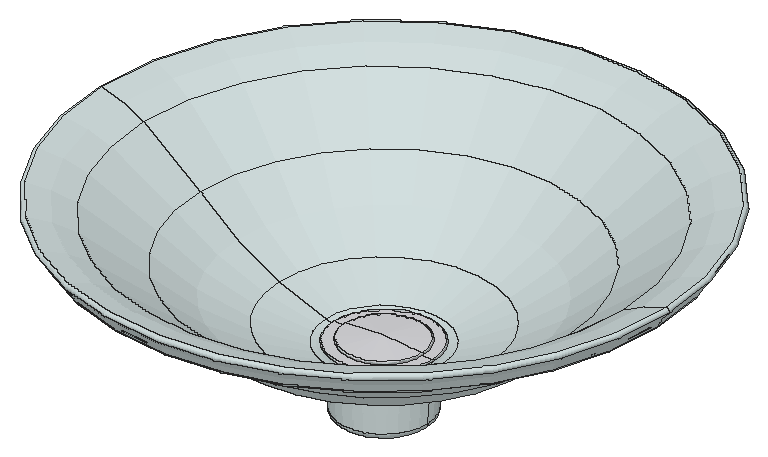
Revit family "Sink-Vessel-Lavatory-KOHLER-Derring_on_Carillon-K-17890_1", category Plumbing Fixtures, host Face, Revit 2015 (continued)
Definition of nested family "K-17890"
  Lines and regions (in)
    symbolic lines, detail levels medium+fine
      curve 1834: arc (2.64103, -6.41606, 0) -> (2.46586, -6.01925, 0) -> (2.25497, -5.64021, 0) r 4.71583
      curve 1835: arc (2.25497, -5.64021, 0) -> (2.15956, -5.52973, 0) -> (2.03444, -5.45453, 0) r 0.46205
      curve 1836: arc (2.64103, -6.41606, 0) -> (2.49994, -6.00207, 0) -> (2.39347, -5.57787, 0) r 5.30137
      curve 1837: arc (2.39347, -5.57787, 0) -> (2.38483, -5.43478, 0) -> (2.41731, -5.29516, 0) r 0.49812
      curve 1838: arc (3.09201, -6.2113, 0) -> (2.88898, -5.828, 0) -> (2.6516, -5.46498, 0) r 4.71583
      curve 1839: arc (2.6516, -5.46498, 0) -> (2.54809, -5.36125, 0) -> (2.41731, -5.29516, 0) r 0.46205
      curve 1840: arc (3.09201, -6.2113, 0) -> (2.92138, -5.80742, 0) -> (2.7847, -5.39082, 0) r 5.30137
      curve 1841: arc (2.78529, -5.39291, 0) -> (2.76647, -5.2508, 0) -> (2.7889, -5.10922, 0) r 0.49812
      curve 1842: arc (3.52724, -5.97489, 0) -> (3.29739, -5.60705, 0) -> (3.03471, -5.26189, 0) r 4.71583
      curve 1843: arc (3.03471, -5.26189, 0) -> (2.92406, -5.16582, 0) -> (2.7889, -5.10922, 0) r 0.46205
      curve 1844: arc (3.52724, -5.97489, 0) -> (3.32823, -5.58421, 0) -> (3.16218, -5.17842, 0) r 5.30137
      curve 1845: arc (3.16292, -5.18047, 0) -> (3.13401, -5.04007, 0) -> (3.14628, -4.89724, 0) r 0.49812
      curve 1846: arc (3.9445, -5.70804, 0) -> (3.68899, -5.35753, 0) -> (3.40235, -5.03199, 0) r 4.71583
      curve 1847: arc (3.40235, -5.03199, 0) -> (3.28514, -4.94405, 0) -> (3.14628, -4.89724, 0) r 0.46205
      curve 1848: arc (3.9445, -5.70804, 0) -> (3.71865, -5.33351, 0) -> (3.52443, -4.94163, 0) r 5.30137
      curve 1849: arc (3.52443, -4.94163, 0) -> (3.48558, -4.80365, 0) -> (3.48763, -4.66031, 0) r 0.49812
      curve 1850: arc (4.34166, -5.4121, 0) -> (4.06179, -5.08071, 0) -> (3.75266, -4.77645, 0) r 4.71583
      curve 1851: arc (3.75266, -4.77645, 0) -> (3.62999, -4.69732, 0) -> (3.48875, -4.66042, 0) r 0.46205
      curve 1852: arc (4.34166, -5.4121, 0) -> (4.08966, -5.05463, 0) -> (3.86798, -4.67761, 0) r 5.30137
      curve 1853: arc (3.86798, -4.67761, 0) -> (3.81939, -4.54275, 0) -> (3.81121, -4.39963, 0) r 0.49812
      curve 1854: arc (4.71669, -5.08858, 0) -> (4.4139, -4.778, 0) -> (4.08385, -4.49656, 0) r 4.71583
      curve 1855: arc (4.08385, -4.49656, 0) -> (3.95531, -4.42621, 0) -> (3.81121, -4.39963, 0) r 0.46205
      curve 1856: arc (4.71669, -5.08858, 0) -> (4.43983, -4.75, 0) -> (4.19183, -4.38976, 0) r 5.30137
      curve 1857: arc (4.19183, -4.38976, 0) -> (4.13373, -4.2587, 0) -> (4.11536, -4.11654, 0) r 0.49812
      curve 1858: arc (5.06769, -4.73913, 0) -> (4.74351, -4.45095, 0) -> (4.39423, -4.19377, 0) r 4.71583
      curve 1859: arc (4.39423, -4.19377, 0) -> (4.261, -4.13276, 0) -> (4.11536, -4.11654, 0) r 0.46205
      curve 1860: arc (5.06769, -4.73913, 0) -> (4.76667, -4.42034, 0) -> (4.49302, -4.07777, 0) r 5.30137
      curve 1861: arc (4.49431, -4.07953, 0) -> (4.42701, -3.95296, 0) -> (4.39855, -3.81246, 0) r 0.49812
      curve 1862: arc (5.39286, -4.36553, 0) -> (5.04895, -4.10121, 0) -> (4.68221, -3.8696, 0) r 4.71583
      curve 1863: arc (4.68221, -3.8696, 0) -> (4.54497, -3.81825, 0) -> (4.39855, -3.81246, 0) r 0.46205
      curve 1864: arc (5.39286, -4.36553, 0) -> (5.06987, -4.06903, 0) -> (4.77248, -3.74685, 0) r 5.30137
      curve 1865: arc (4.77389, -3.74852, 0) -> (4.69773, -3.62707, 0) -> (4.65932, -3.48896, 0) r 0.49812
      curve 1866: arc (5.69055, -3.96968, 0) -> (5.32866, -3.73057, 0) -> (4.94633, -3.52572, 0) r 4.71583
      curve 1867: arc (4.94633, -3.52572, 0) -> (4.80578, -3.48429, 0) -> (4.65932, -3.48896, 0) r 0.46205
      curve 1868: arc (5.69055, -3.96968, 0) -> (5.34805, -3.69769, 0) -> (5.02914, -3.3984, 0) r 5.30137
      curve 1869: arc (5.02914, -3.3984, 0) -> (4.94681, -3.28697, 0) -> (4.89835, -3.15718, 0) r 0.49812
      curve 1870: arc (5.95925, -3.55361, 0) -> (5.58122, -3.34092, 0) -> (5.18525, -3.16387, 0) r 4.71583
      curve 1871: arc (5.18525, -3.16387, 0) -> (5.04266, -3.13261, 0) -> (4.89743, -3.14739, 0) r 0.46205
      curve 1872: arc (5.95925, -3.55361, 0) -> (5.59734, -3.3061, 0) -> (5.25713, -3.02952, 0) r 5.30137
      curve 1873: arc (5.25876, -3.03097, 0) -> (5.1661, -2.92159, 0) -> (5.10842, -2.79035, 0) r 0.49812
      curve 1874: arc (6.19758, -3.11943, 0) -> (5.80534, -2.93425, 0) -> (5.39775, -2.7859, 0) r 4.71583
      curve 1875: arc (5.39775, -2.7859, 0) -> (5.25273, -2.76489, 0) -> (5.10842, -2.79035, 0) r 0.46205
      curve 1876: arc (6.19758, -3.11943, 0) -> (5.81894, -2.89836, 0) -> (5.45986, -2.64676, 0) r 5.30137
      curve 1877: arc (5.46159, -2.64809, 0) -> (5.36099, -2.54509, 0) -> (5.29405, -2.41762, 0) r 0.49812
      curve 1878: arc (6.40432, -2.66935, 0) -> (5.99988, -2.51263, 0) -> (5.58274, -2.39373, 0) r 4.71583
      curve 1879: arc (5.58274, -2.39373, 0) -> (5.43659, -2.38312, 0) -> (5.29447, -2.41881, 0) r 0.46205
      curve 1880: arc (6.40432, -2.66935, 0) -> (6.01184, -2.47638, 0) -> (5.63659, -2.25171, 0) r 5.30137
      curve 1881: arc (5.63659, -2.25171, 0) -> (5.5289, -2.15616, 0) -> (5.45303, -2.03379, 0) r 0.49812
      curve 1882: arc (6.57844, -2.20567, 0) -> (6.16384, -2.0782, 0) -> (5.73928, -1.98936, 0) r 4.71583
      curve 1883: arc (5.73928, -1.98936, 0) -> (5.59275, -1.98921, 0) -> (5.45354, -2.03495, 0) r 0.46205
      curve 1884: arc (6.57844, -2.20567, 0) -> (6.17219, -2.04074, 0) -> (5.78096, -1.84281, 0) r 5.30137
      curve 1885: arc (5.78286, -1.84387, 0) -> (5.66907, -1.75669, 0) -> (5.58481, -1.64071, 0) r 0.49812
      curve 1886: arc (6.71902, -1.73075, 0) -> (6.29639, -1.63318, 0) -> (5.86658, -1.57486, 0) r 4.71583
      curve 1887: arc (5.86658, -1.57486, 0) -> (5.72041, -1.58516, 0) -> (5.58481, -1.64071, 0) r 0.46205
      curve 1888: arc (6.71902, -1.73075, 0) -> (6.30205, -1.59522, 0) -> (5.8977, -1.4257, 0) r 5.30137
      curve 1889: arc (5.89967, -1.42663, 0) -> (5.77995, -1.34779, 0) -> (5.68763, -1.23812, 0) r 0.49812
      curve 1890: arc (6.82538, -1.24701, 0) -> (6.39686, -1.17984, 0) -> (5.96398, -1.15233, 0) r 4.71583
      curve 1891: arc (5.96398, -1.15233, 0) -> (5.81892, -1.17303, 0) -> (5.68763, -1.23812, 0) r 0.46205
      curve 1892: arc (6.82538, -1.24701, 0) -> (6.40084, -1.14188, 0) -> (5.98641, -1.00211, 0) r 5.30137
      curve 1893: arc (5.98641, -1.00211, 0) -> (5.86137, -0.93202, 0) -> (5.76147, -0.82921, 0) r 0.49812
      curve 1894: arc (6.89695, -0.75692, 0) -> (6.46473, -0.72049, 0) -> (6.03099, -0.72392, 0) r 4.71583
      curve 1895: arc (6.03099, -0.72392, 0) -> (5.88777, -0.75492, 0) -> (5.76147, -0.82921, 0) r 0.46205
      curve 1896: arc (6.89695, -0.75692, 0) -> (6.46599, -0.68234, 0) -> (6.04265, -0.57249, 0) r 5.30137
      curve 1897: arc (6.04265, -0.57249, 0) -> (5.9124, -0.51115, 0) -> (5.80513, -0.41511, 0) r 0.49812
      curve 1898: arc (6.93337, -0.26296, 0) -> (6.49966, -0.25746, 0) -> (6.06727, -0.29183, 0) r 4.71583
      curve 1899: arc (6.06727, -0.29183, 0) -> (5.92663, -0.33297, 0) -> (5.80594, -0.41608, 0) r 0.46205
      curve 1900: arc (6.93337, -0.26296, 0) -> (6.49819, -0.21932, 0) -> (6.06809, -0.13996, 0) r 5.30137
      curve 1901: arc (6.06809, -0.13996, 0) -> (5.93385, -0.08809, 0) -> (5.82003, 0, 0) r 0.49812
      curve 1902: arc (0, -5.82159, 0) -> (0.02215, -5.51091, 0) -> (0.05718, -5.20142, 0) r 7.49877
      curve 1903: arc (0.40802, -5.81337, 0) -> (0.37379, -5.50848, 0) -> (0.30168, -5.21027, 0) r 2.44677
      curve 1904: arc (0.05718, -5.20142, 0) -> (0.08707, -5.09628, 0) -> (0.14548, -5.00389, 0) r 0.38232
      curve 1905: arc (0.30168, -5.21027, 0) -> (0.26872, -5.11792, 0) -> (0.22799, -5.02872, 0) r 1.14623
      curve 1906: arc (0.22799, -5.02872, 0) -> (0.19204, -4.99869, 0) -> (0.14548, -5.00389, 0) r 0.05964
      curve 1907: arc (0.17485, -4.99616, 0) -> (0.14894, -4.76353, 0) -> (0.10169, -4.53427, 0) r 2.53556
      curve 1908: arc (0.10169, -4.53427, 0) -> (0.0624, -4.43308, 0) -> (0, -4.34425, 0) r 0.44975
      curve 1909: arc (0.17485, -4.99616, 0) -> (0.19037, -4.76116, 0) -> (0.21589, -4.52703, 0) r 5.52516
      curve 1910: arc (0.21589, -4.52703, 0) -> (0.2457, -4.42139, 0) -> (0.30449, -4.32869, 0) r 0.37959
      curve 1911: arc (0, -4.34425, 0) -> (0.02454, -4.14285, 0) -> (0.07036, -3.94521, 0) r 1.90482
      curve 1912: arc (0.30449, -4.32869, 0) -> (0.26608, -4.12107, 0) -> (0.19553, -3.92207, 0) r 1.33954
      curve 1913: arc (0.07036, -3.94521, 0) -> (0.0947, -3.88909, 0) -> (0.13247, -3.84097, 0) r 0.23936
      curve 1914: arc (0.19553, -3.92207, 0) -> (0.16892, -3.8777, 0) -> (0.13247, -3.84097, 0) r 0.21491
      curve 1915: arc (0.13247, -3.84097, 0) -> (0.10498, -3.68132, 0) -> (0.06516, -3.52429, 0) r 2.082
      curve 1916: arc (0.13247, -3.84097, 0) -> (0.15041, -3.67965, 0) -> (0.1832, -3.52067, 0) r 1.75146
      curve 1917: arc (0.06516, -3.52429, 0) -> (0.04068, -3.47891, 0) -> (0, -3.44724, 0) r 0.12522
      curve 1918: arc (0.1832, -3.52067, 0) -> (0.20628, -3.47316, 0) -> (0.24621, -3.43857, 0) r 0.13139
      curve 1919: arc (0.08454, -3.45165, 0) -> (0.0605, -2.6039, 0) -> (0.06107, -1.75582, 0) r 29.2281
      curve 1920: arc (0.15392, -3.44868, 0) -> (0.1193, -2.6016, 0) -> (0.06107, -1.75582, 0) r 30.40578
      curve 1921: arc (0.10408, -3.59212, 0) -> (0.09096, -3.52235, 0) -> (0.08454, -3.45165, 0) r 0.74486
      curve 1922: arc (0.15004, -3.58119, 0) -> (0.15384, -3.51499, 0) -> (0.15392, -3.44868, 0) r 1.18069
      curve 1923: arc (0.13292, -3.61744, 0) -> (0.14474, -3.60086, 0) -> (0.15004, -3.58119, 0) r 0.05754
      curve 1924: arc (0.13292, -3.61744, 0) -> (0.11447, -3.60938, 0) -> (0.10408, -3.59212, 0) r 0.03318
      curve 1925: arc (0.41531, -5.80675, 0) -> (0.41524, -5.49529, 0) -> (0.4281, -5.18408, 0) r 7.49877
      curve 1926: arc (0.8217, -5.76945, 0) -> (0.76581, -5.46778, 0) -> (0.6726, -5.17547, 0) r 2.44677
      curve 1927: arc (0.4281, -5.18408, 0) -> (0.45041, -5.07708, 0) -> (0.50209, -4.98076, 0) r 0.38232
      curve 1928: arc (0.6726, -5.17547, 0) -> (0.63314, -5.08571, 0) -> (0.58615, -4.99965, 0) r 1.14623
      curve 1929: arc (0.58615, -4.99965, 0) -> (0.54815, -4.97225, 0) -> (0.50209, -4.98076, 0) r 0.05964
      curve 1930: arc (0.53083, -4.97095, 0) -> (0.48839, -4.74076, 0) -> (0.42491, -4.51547, 0) r 2.53556
      curve 1931: arc (0.42491, -4.51547, 0) -> (0.37849, -4.41734, 0) -> (0.30992, -4.33318, 0) r 0.44975
      curve 1932: arc (0.53083, -4.97095, 0) -> (0.52954, -4.73545, 0) -> (0.5383, -4.5001, 0) r 5.52516
      curve 1933: arc (0.5383, -4.5001, 0) -> (0.56049, -4.3926, 0) -> (0.61252, -4.29594, 0) r 0.37959
      curve 1934: arc (0.30992, -4.33318, 0) -> (0.32003, -4.13055, 0) -> (0.35163, -3.93014, 0) r 1.90482
      curve 1935: arc (0.61252, -4.29594, 0) -> (0.5594, -4.09159, 0) -> (0.47483, -3.89813, 0) r 1.33954
      curve 1936: arc (0.35163, -3.93014, 0) -> (0.3719, -3.87242, 0) -> (0.40614, -3.82174, 0) r 0.23936
      curve 1937: arc (0.47483, -3.89813, 0) -> (0.44512, -3.85577, 0) -> (0.40614, -3.82174, 0) r 0.21491
      curve 1938: arc (0.40614, -3.82174, 0) -> (0.36733, -3.66445, 0) -> (0.31641, -3.51066, 0) r 2.082
      curve 1939: arc (0.40614, -3.82174, 0) -> (0.41253, -3.65954, 0) -> (0.4339, -3.49863, 0) r 1.75146
      curve 1940: arc (0.31641, -3.51066, 0) -> (0.28887, -3.46726, 0) -> (0.24621, -3.43857, 0) r 0.12522
      curve 1941: arc (0.4339, -3.49863, 0) -> (0.45353, -3.44959, 0) -> (0.49089, -3.41225, 0) r 0.13139
      curve 1942: arc (0.33056, -3.43683, 0) -> (0.24611, -2.59295, 0) -> (0.18618, -1.74699, 0) r 29.2281
      curve 1943: arc (0.39955, -3.42891, 0) -> (0.30459, -2.58646, 0) -> (0.18618, -1.74699, 0) r 30.40578
      curve 1944: arc (0.36007, -3.57555, 0) -> (0.34201, -3.50689, 0) -> (0.33056, -3.43683, 0) r 0.74486
      curve 1945: arc (0.40514, -3.56136, 0) -> (0.4042, -3.49506, 0) -> (0.39955, -3.42891, 0) r 1.18069
      curve 1946: arc (0.39064, -3.59874, 0) -> (0.40125, -3.58136, 0) -> (0.40514, -3.56136, 0) r 0.05754
      curve 1947: arc (0.39064, -3.59874, 0) -> (0.37166, -3.59201, 0) -> (0.36007, -3.57555, 0) r 0.03318
      curve 1948: arc (0.8285, -5.76233, 0) -> (0.80621, -5.45166, 0) -> (0.79684, -5.14033, 0) r 7.49877
      curve 1949: arc (1.23119, -5.69613, 0) -> (1.15392, -5.39921, 0) -> (1.0401, -5.1143, 0) r 2.44677
      curve 1950: arc (0.79684, -5.14033, 0) -> (0.81146, -5.03201, 0) -> (0.85613, -4.93225, 0) r 0.38232
      curve 1951: arc (1.0401, -5.1143, 0) -> (0.99434, -5.02758, 0) -> (0.94133, -4.94509, 0) r 1.14623
      curve 1952: arc (0.94133, -4.94509, 0) -> (0.90147, -4.92048, 0) -> (0.85613, -4.93225, 0) r 0.05964
      curve 1953: arc (0.8841, -4.92042, 0) -> (0.82535, -4.69384, 0) -> (0.74595, -4.47365, 0) r 2.53556
      curve 1954: arc (0.74595, -4.47365, 0) -> (0.69266, -4.37908, 0) -> (0.61825, -4.30003, 0) r 0.44975
      curve 1955: arc (0.8841, -4.92042, 0) -> (0.86602, -4.6856, 0) -> (0.85796, -4.45023, 0) r 5.52516
      curve 1956: arc (0.85796, -4.45023, 0) -> (0.87243, -4.34142, 0) -> (0.91743, -4.2413, 0) r 0.37959
      curve 1957: arc (0.61825, -4.30003, 0) -> (0.61388, -4.09719, 0) -> (0.63111, -3.89504, 0) r 1.90482
      curve 1958: arc (0.91743, -4.2413, 0) -> (0.84987, -4.04126, 0) -> (0.75171, -3.85432, 0) r 1.33954
      curve 1959: arc (0.63111, -3.89504, 0) -> (0.64721, -3.83603, 0) -> (0.67775, -3.78302, 0) r 0.23936
      curve 1960: arc (0.75171, -3.85432, 0) -> (0.71905, -3.81419, 0) -> (0.67775, -3.78302, 0) r 0.21491
      curve 1961: arc (0.67775, -3.78302, 0) -> (0.62782, -3.62891, 0) -> (0.56605, -3.47915, 0) r 2.082
      curve 1962: arc (0.67775, -3.78302, 0) -> (0.67254, -3.62079, 0) -> (0.68238, -3.45877, 0) r 1.75146
      curve 1963: arc (0.56605, -3.47915, 0) -> (0.53549, -3.43782, 0) -> (0.49089, -3.41225, 0) r 0.12522
      curve 1964: arc (0.68238, -3.45877, 0) -> (0.69846, -3.40845, 0) -> (0.73307, -3.36854, 0) r 0.13139
      curve 1965: arc (0.5749, -3.40449, 0) -> (0.43046, -2.56879, 0) -> (0.31033, -1.72925, 0) r 29.2281
      curve 1966: arc (0.64315, -3.39167, 0) -> (0.48833, -2.55814, 0) -> (0.31033, -1.72925, 0) r 30.40578
      curve 1967: arc (0.61423, -3.54075, 0) -> (0.59132, -3.47356, 0) -> (0.5749, -3.40449, 0) r 0.74486
      curve 1968: arc (0.65817, -3.52339, 0) -> (0.65251, -3.45732, 0) -> (0.64315, -3.39167, 0) r 1.18069
      curve 1969: arc (0.64638, -3.56171, 0) -> (0.65572, -3.54361, 0) -> (0.65817, -3.52339, 0) r 0.05754
      curve 1970: arc (0.64638, -3.56171, 0) -> (0.62697, -3.55635, 0) -> (0.61423, -3.54075, 0) r 0.03318
      curve 1971: arc (1.23747, -5.68854, 0) -> (1.19307, -5.38026, 0) -> (1.16152, -5.07039, 0) r 7.49877
      curve 1972: arc (1.63441, -5.59378, 0) -> (1.53616, -5.30314, 0) -> (1.4023, -5.02707, 0) r 2.44677
      curve 1973: arc (1.16152, -5.07039, 0) -> (1.16837, -4.9613, 0) -> (1.20581, -4.85861, 0) r 0.38232
      curve 1974: arc (1.4023, -5.02707, 0) -> (1.35047, -4.94384, 0) -> (1.29171, -4.86534, 0) r 1.14623
      curve 1975: arc (1.29171, -4.86534, 0) -> (1.2502, -4.84363, 0) -> (1.20581, -4.85861, 0) r 0.05964
      curve 1976: arc (1.23286, -4.84481, 0) -> (1.1581, -4.623, 0) -> (1.0632, -4.40904, 0) r 2.53556
      curve 1977: arc (1.0632, -4.40904, 0) -> (1.00329, -4.31851, 0) -> (0.92344, -4.24497, 0) r 0.44975
      curve 1978: arc (1.23286, -4.84481, 0) -> (1.19808, -4.61188, 0) -> (1.17325, -4.37768, 0) r 5.52516
      curve 1979: arc (1.17325, -4.37768, 0) -> (1.17992, -4.26812, 0) -> (1.21766, -4.16504, 0) r 0.37959
      curve 1980: arc (0.92344, -4.24497, 0) -> (0.90461, -4.04296, 0) -> (0.90737, -3.84009, 0) r 1.90482
      curve 1981: arc (1.21766, -4.16504, 0) -> (1.136, -3.97034, 0) -> (1.02476, -3.79088, 0) r 1.33954
      curve 1982: arc (0.90737, -3.84009, 0) -> (0.91922, -3.78008, 0) -> (0.9459, -3.72504, 0) r 0.23936
      curve 1983: arc (1.02476, -3.79088, 0) -> (0.98932, -3.75317, 0) -> (0.9459, -3.72504, 0) r 0.21491
      curve 1984: arc (0.9459, -3.72504, 0) -> (0.8851, -3.57488, 0) -> (0.81281, -3.4299, 0) r 2.082
      curve 1985: arc (0.9459, -3.72504, 0) -> (0.92913, -3.56358, 0) -> (0.92739, -3.40127, 0) r 1.75146
      curve 1986: arc (0.81281, -3.4299, 0) -> (0.77937, -3.39086, 0) -> (0.73307, -3.36854, 0) r 0.12522
      curve 1987: arc (0.92739, -3.40127, 0) -> (0.93984, -3.34994, 0) -> (0.97151, -3.30766, 0) r 0.13139
      curve 1988: arc (0.81631, -3.3548, 0) -> (0.61262, -2.53154, 0) -> (0.4329, -1.70271, 0) r 29.2281
      curve 1989: arc (0.88347, -3.33715, 0) -> (0.66958, -2.51679, 0) -> (0.4329, -1.70271, 0) r 30.40578
      curve 1990: arc (0.86526, -3.48791, 0) -> (0.83761, -3.42252, 0) -> (0.81631, -3.3548, 0) r 0.74486
      curve 1991: arc (0.90785, -3.46746, 0) -> (0.89749, -3.40196, 0) -> (0.88347, -3.33715, 0) r 1.18069
      curve 1992: arc (0.89882, -3.50652, 0) -> (0.90685, -3.4878, 0) -> (0.90785, -3.46746, 0) r 0.05754
      curve 1993: arc (0.89882, -3.50652, 0) -> (0.87908, -3.50256, 0) -> (0.86526, -3.48791, 0) r 0.03318
      curve 1994: arc (1.64013, -5.58577, 0) -> (1.57386, -5.28144, 0) -> (1.52028, -4.97461, 0) r 7.49877
      curve 1995: arc (2.0293, -5.46293, 0) -> (1.91057, -5.18004, 0) -> (1.75736, -4.91422, 0) r 2.44677
      curve 1996: arc (1.52028, -4.97461, 0) -> (1.51933, -4.86531, 0) -> (1.54935, -4.76021, 0) r 0.38232
      curve 1997: arc (1.75736, -4.91422, 0) -> (1.69972, -4.8349, 0) -> (1.63551, -4.76079, 0) r 1.14623
      curve 1998: arc (1.63551, -4.76079, 0) -> (1.59255, -4.7421, 0) -> (1.54935, -4.76021, 0) r 0.05964
      curve 1999: arc (1.57535, -4.74452, 0) -> (1.48495, -4.52861, 0) -> (1.37503, -4.32195, 0) r 2.53556
      curve 2000: arc (1.37503, -4.32195, 0) -> (1.30881, -4.23593, 0) -> (1.22392, -4.16828, 0) r 0.44975
      curve 2001: arc (1.57535, -4.74452, 0) -> (1.52403, -4.51466, 0) -> (1.48256, -4.28283, 0) r 5.52516
      curve 2002: arc (1.48256, -4.28283, 0) -> (1.4814, -4.17307, 0) -> (1.51169, -4.06756, 0) r 0.37959
      curve 2003: arc (1.22392, -4.16828, 0) -> (1.19072, -3.96813, 0) -> (1.17901, -3.76558, 0) r 1.90482
      curve 2004: arc (1.51169, -4.06756, 0) -> (1.41635, -3.87918, 0) -> (1.29259, -3.70811, 0) r 1.33954
      curve 2005: arc (1.17901, -3.76558, 0) -> (1.18655, -3.70487, 0) -> (1.20923, -3.64806, 0) r 0.23936
      curve 2006: arc (1.29259, -3.70811, 0) -> (1.25455, -3.67303, 0) -> (1.20923, -3.64806, 0) r 0.21491
      curve 2007: arc (1.20923, -3.64806, 0) -> (1.13787, -3.50263, 0) -> (1.05543, -3.36318, 0) r 2.082
      curve 2008: arc (1.20923, -3.64806, 0) -> (1.18099, -3.48822, 0) -> (1.16767, -3.32645, 0) r 1.75146
      curve 2009: arc (1.05543, -3.36318, 0) -> (1.01929, -3.32662, 0) -> (0.97151, -3.30766, 0) r 0.12522
      curve 2010: arc (1.16767, -3.32645, 0) -> (1.17643, -3.27436, 0) -> (1.205, -3.22992, 0) r 0.13139
      curve 2011: arc (1.05356, -3.28802, 0) -> (0.79166, -2.48138, 0) -> (0.55327, -1.66749, 0) r 29.2281
      curve 2012: arc (1.11929, -3.26562, 0) -> (0.84742, -2.46261, 0) -> (0.55327, -1.66749, 0) r 30.40578
      curve 2013: arc (1.11188, -3.41729, 0) -> (1.07964, -3.35405, 0) -> (1.05356, -3.28802, 0) r 0.74486
      curve 2014: arc (1.1529, -3.39386, 0) -> (1.13789, -3.32926, 0) -> (1.11929, -3.26562, 0) r 1.18069
      curve 2015: arc (1.14668, -3.43346, 0) -> (1.15335, -3.41422, 0) -> (1.1529, -3.39386, 0) r 0.05754
      curve 2016: arc (1.14668, -3.43346, 0) -> (1.12671, -3.43092, 0) -> (1.11188, -3.41729, 0) r 0.03318
      curve 2017: arc (2.03444, -5.45453, 0) -> (1.94662, -5.1557, 0) -> (1.87129, -4.85348, 0) r 7.49877
      curve 2018: arc (2.41386, -5.30424, 0) -> (2.27524, -5.03054, 0) -> (2.10346, -4.77633, 0) r 2.44677
      curve 2019: arc (1.87129, -4.85348, 0) -> (1.86254, -4.74453, 0) -> (1.88499, -4.63755, 0) r 0.38232
      curve 2020: arc (2.10346, -4.77633, 0) -> (2.0403, -4.70132, 0) -> (1.97097, -4.63199, 0) r 1.14623
      curve 2021: arc (1.97097, -4.63199, 0) -> (1.92679, -4.61641, 0) -> (1.88499, -4.63755, 0) r 0.05964
      curve 2022: arc (1.9098, -4.62004, 0) -> (1.80423, -4.41113, 0) -> (1.67985, -4.21285, 0) r 2.53556
      curve 2023: arc (1.67985, -4.21285, 0) -> (1.60767, -4.13177, 0) -> (1.51816, -4.07035, 0) r 0.44975
      curve 2024: arc (1.9098, -4.62004, 0) -> (1.84222, -4.39444, 0) -> (1.78432, -4.16616, 0) r 5.52516
      curve 2025: arc (1.78432, -4.16616, 0) -> (1.77532, -4.05676, 0) -> (1.79801, -3.94936, 0) r 0.37959
      curve 2026: arc (1.51816, -4.07035, 0) -> (1.47077, -3.87307, 0) -> (1.44463, -3.67187, 0) r 1.90482
      curve 2027: arc (1.79801, -3.94936, 0) -> (1.68948, -3.76825, 0) -> (1.55383, -3.60645, 0) r 1.33954
      curve 2028: arc (1.44463, -3.67187, 0) -> (1.44783, -3.61079, 0) -> (1.4664, -3.5525, 0) r 0.23936
      curve 2029: arc (1.55383, -3.60645, 0) -> (1.51339, -3.57418, 0) -> (1.4664, -3.5525, 0) r 0.21491
      curve 2030: arc (1.4664, -3.5525, 0) -> (1.38485, -3.41253, 0) -> (1.29266, -3.27931, 0) r 2.082
      curve 2031: arc (1.4664, -3.5525, 0) -> (1.42683, -3.39508, 0) -> (1.402, -3.23467, 0) r 1.75146
      curve 2032: arc (1.29266, -3.27931, 0) -> (1.25401, -3.24543, 0) -> (1.205, -3.22992, 0) r 0.12522
      curve 2033: arc (1.402, -3.23467, 0) -> (1.40702, -3.18209, 0) -> (1.43235, -3.13573, 0) r 0.13139
      curve 2034: arc (1.28544, -3.20448, 0) -> (0.96666, -2.41858, 0) -> (0.67082, -1.62377, 0) r 29.2281
      curve 2035: arc (1.3494, -3.17745, 0) -> (1.02094, -2.39588, 0) -> (0.67082, -1.62377, 0) r 30.40578
      curve 2036: arc (1.35284, -3.32927, 0) -> (1.31616, -3.26848, 0) -> (1.28544, -3.20448, 0) r 0.74486
      curve 2037: arc (1.39208, -3.30296, 0) -> (1.3725, -3.23961, 0) -> (1.3494, -3.17745, 0) r 1.18069
      curve 2038: arc (1.3887, -3.34291, 0) -> (1.39398, -3.32324, 0) -> (1.39208, -3.30296, 0) r 0.05754
      curve 2039: arc (1.3887, -3.34291, 0) -> (1.3686, -3.3418, 0) -> (1.35284, -3.32927, 0) r 0.03318
      curve 2040: arc (2.41837, -5.2955, 0) -> (2.30946, -5.0037, 0) -> (2.21276, -4.70762, 0) r 7.49877
      curve 2041: arc (2.78611, -5.11853, 0) -> (2.62831, -4.85541, 0) -> (2.43884, -4.61411, 0) r 2.44677
      curve 2042: arc (2.21276, -4.70762, 0) -> (2.19627, -4.59957, 0) -> (2.21103, -4.49126, 0) r 0.38232
      curve 2043: arc (2.43884, -4.61411, 0) -> (2.37049, -4.54379, 0) -> (2.29639, -4.47958, 0) r 1.14623
      curve 2044: arc (2.29639, -4.47958, 0) -> (2.25121, -4.46719, 0) -> (2.21103, -4.49126, 0) r 0.05964
      curve 2045: arc (2.23453, -4.47203, 0) -> (2.11432, -4.27118, 0) -> (1.97611, -4.08228, 0) r 2.53556
      curve 2046: arc (1.97611, -4.08228, 0) -> (1.89833, -4.00655, 0) -> (1.80467, -3.95167, 0) r 0.44975
      curve 2047: arc (2.23453, -4.47203, 0) -> (2.15102, -4.25182, 0) -> (2.07698, -4.02825, 0) r 5.52516
      curve 2048: arc (2.07698, -4.02825, 0) -> (2.06021, -3.91977, 0) -> (2.07517, -3.81103, 0) r 0.37959
      curve 2049: arc (1.80467, -3.95167, 0) -> (1.74333, -3.75828, 0) -> (1.7029, -3.55946, 0) r 1.90482
      curve 2050: arc (2.07517, -3.81103, 0) -> (1.95399, -3.63813, 0) -> (1.80715, -3.48641, 0) r 1.33954
      curve 2051: arc (1.7029, -3.55946, 0) -> (1.70173, -3.4983, 0) -> (1.7161, -3.43884, 0) r 0.23936
      curve 2052: arc (1.80715, -3.48641, 0) -> (1.76451, -3.45711, 0) -> (1.7161, -3.43884, 0) r 0.21491
      curve 2053: arc (1.7161, -3.43884, 0) -> (1.62477, -3.30504, 0) -> (1.52331, -3.17874, 0) r 2.082
      curve 2054: arc (1.7161, -3.43884, 0) -> (1.66539, -3.28464, 0) -> (1.62919, -3.12641, 0) r 1.75146
      curve 2055: arc (1.52331, -3.17874, 0) -> (1.48234, -3.1477, 0) -> (1.43235, -3.13573, 0) r 0.12522
      curve 2056: arc (1.62919, -3.12641, 0) -> (1.63044, -3.0736, 0) -> (1.6524, -3.02556, 0) r 0.13139
      curve 2057: arc (1.51077, -3.10461, 0) -> (1.13674, -2.34346, 0) -> (0.78495, -1.57178, 0) r 29.2281
      curve 2058: arc (1.57264, -3.07309, 0) -> (1.18926, -2.31694, 0) -> (0.78495, -1.57178, 0) r 30.40578
      curve 2059: arc (1.5869, -3.22427, 0) -> (1.54598, -3.16626, 0) -> (1.51077, -3.10461, 0) r 0.74486
      curve 2060: arc (1.62416, -3.19524, 0) -> (1.60012, -3.13344, 0) -> (1.57264, -3.07309, 0) r 1.18069
      curve 2061: arc (1.62364, -3.23533, 0) -> (1.62751, -3.21533, 0) -> (1.62416, -3.19524, 0) r 0.05754
      curve 2062: arc (1.62364, -3.23533, 0) -> (1.60351, -3.23565, 0) -> (1.5869, -3.22427, 0) r 0.03318
      curve 2063: arc (2.78999, -5.10948, 0) -> (2.66054, -4.82619, 0) -> (2.54296, -4.53777, 0) r 7.49877
      curve 2064: arc (3.14416, -4.90673, 0) -> (2.968, -4.65554, 0) -> (2.76179, -4.42836, 0) r 2.44677
      curve 2065: arc (2.54296, -4.53777, 0) -> (2.5188, -4.43117, 0) -> (2.5258, -4.32208, 0) r 0.38232
      curve 2066: arc (2.76179, -4.42836, 0) -> (2.6886, -4.36311, 0) -> (2.61011, -4.30434, 0) r 1.14623
      curve 2067: arc (2.61011, -4.30434, 0) -> (2.56416, -4.29521, 0) -> (2.5258, -4.32208, 0) r 0.05964
      curve 2068: arc (2.54786, -4.30122, 0) -> (2.41364, -4.10947, 0) -> (2.2623, -3.9309, 0) r 2.53556
      curve 2069: arc (2.2623, -3.9309, 0) -> (2.17932, -3.86092, 0) -> (2.08198, -3.81286, 0) r 0.44975
      curve 2070: arc (2.54786, -4.30122, 0) -> (2.44886, -4.08753, 0) -> (2.35906, -3.86982, 0) r 5.52516
      curve 2071: arc (2.35906, -3.86982, 0) -> (2.33459, -3.76281, 0) -> (2.34176, -3.65328, 0) r 0.37959
      curve 2072: arc (2.08198, -3.81286, 0) -> (2.007, -3.62434, 0) -> (1.95249, -3.42891, 0) r 1.90482
      curve 2073: arc (2.34176, -3.65328, 0) -> (2.20856, -3.48946, 0) -> (2.05127, -3.34861, 0) r 1.33954
      curve 2074: arc (1.95249, -3.42891, 0) -> (1.94696, -3.36799, 0) -> (1.95705, -3.30765, 0) r 0.23936
      curve 2075: arc (2.05127, -3.34861, 0) -> (2.00664, -3.32242, 0) -> (1.95705, -3.30765, 0) r 0.21491
      curve 2076: arc (1.95705, -3.30765, 0) -> (1.85641, -3.18071, 0) -> (1.7462, -3.06197, 0) r 2.082
      curve 2077: arc (1.95705, -3.30765, 0) -> (1.89548, -3.15747, 0) -> (1.84807, -3.00222, 0) r 1.75146
      curve 2078: arc (1.7462, -3.06197, 0) -> (1.70312, -3.03393, 0) -> (1.6524, -3.02556, 0) r 0.12522
      curve 2079: arc (1.84807, -3.00222, 0) -> (1.84556, -2.94946, 0) -> (1.86403, -2.89997, 0) r 0.13139
      curve 2080: arc (1.7284, -2.98893, 0) -> (1.30102, -2.2564, 0) -> (0.89508, -1.51177, 0) r 29.2281
      curve 2081: arc (1.78787, -2.95307, 0) -> (1.35152, -2.2262, 0) -> (0.89508, -1.51177, 0) r 30.40578
      curve 2082: arc (1.81287, -3.10285, 0) -> (1.76792, -3.0479, 0) -> (1.7284, -2.98893, 0) r 0.74486
      curve 2083: arc (1.84797, -3.07123, 0) -> (1.81958, -3.0113, 0) -> (1.78787, -2.95307, 0) r 1.18069
      curve 2084: arc (1.85031, -3.11125, 0) -> (1.85274, -3.09103, 0) -> (1.84797, -3.07123, 0) r 0.05754
      curve 2085: arc (1.85031, -3.11125, 0) -> (1.83025, -3.11302, 0) -> (1.81287, -3.10285, 0) r 0.03318
      curve 2086: arc (3.14739, -4.89743, 0) -> (2.99806, -4.62409, 0) -> (2.8602, -4.34479, 0) r 7.49877
      curve 2087: arc (3.48619, -4.66992, 0) -> (3.29256, -4.43194, 0) -> (3.07067, -4.22006, 0) r 2.44677
      curve 2088: arc (2.8602, -4.34479, 0) -> (2.8285, -4.24019, 0) -> (2.82769, -4.13088, 0) r 0.38232
      curve 2089: arc (3.07067, -4.22006, 0) -> (2.99301, -4.16019, 0) -> (2.91053, -4.10717, 0) r 1.14623
      curve 2090: arc (2.91053, -4.10717, 0) -> (2.86405, -4.10134, 0) -> (2.82769, -4.13088, 0) r 0.05964
      curve 2091: arc (2.84822, -4.1085, 0) -> (2.70065, -3.92681, 0) -> (2.53696, -3.75949, 0) r 2.53556
      curve 2092: arc (2.53696, -3.75949, 0) -> (2.4492, -3.69561, 0) -> (2.34868, -3.65462, 0) r 0.44975
      curve 2093: arc (2.84822, -4.1085, 0) -> (2.73423, -3.90242, 0) -> (2.62912, -3.69166, 0) r 5.52516
      curve 2094: arc (2.62912, -3.69166, 0) -> (2.59708, -3.58667, 0) -> (2.59642, -3.47691, 0) r 0.37959
      curve 2095: arc (2.34868, -3.65462, 0) -> (2.26044, -3.47192, 0) -> (2.19213, -3.28088, 0) r 1.90482
      curve 2096: arc (2.59642, -3.47691, 0) -> (2.45187, -3.32301, 0) -> (2.28493, -3.19374, 0) r 1.33954
      curve 2097: arc (2.19213, -3.28088, 0) -> (2.18227, -3.22051, 0) -> (2.18803, -3.15961, 0) r 0.23936
      curve 2098: arc (2.28493, -3.19374, 0) -> (2.23855, -3.1708, 0) -> (2.18803, -3.15961, 0) r 0.21491
      curve 2099: arc (2.18803, -3.15961, 0) -> (2.07859, -3.04017, 0) -> (1.96019, -2.9296, 0) r 2.082
      curve 2100: arc (2.18803, -3.15961, 0) -> (2.1159, -3.0142, 0) -> (2.05754, -2.86273, 0) r 1.75146
      curve 2101: arc (1.96019, -2.9296, 0) -> (1.91522, -2.9047, 0) -> (1.86403, -2.89997, 0) r 0.12522
      curve 2102: arc (2.05754, -2.86273, 0) -> (2.05127, -2.81028, 0) -> (2.06616, -2.7596, 0) r 0.13139
      curve 2103: arc (1.93722, -2.85801, 0) -> (1.45868, -2.15783, 0) -> (1.00064, -1.44407, 0) r 29.2281
      curve 2104: arc (1.99398, -2.818, 0) -> (1.50689, -2.12411, 0) -> (1.00064, -1.44407, 0) r 30.40578
      curve 2105: arc (2.02961, -2.96562, 0) -> (1.98085, -2.91402, 0) -> (1.93722, -2.85801, 0) r 0.74486
      curve 2106: arc (2.06236, -2.93157, 0) -> (2.02976, -2.87382, 0) -> (1.99398, -2.818, 0) r 1.18069
      curve 2107: arc (2.06755, -2.97133, 0) -> (2.06853, -2.95098, 0) -> (2.06236, -2.93157, 0) r 0.05754
      curve 2108: arc (2.06755, -2.97133, 0) -> (2.04767, -2.97452, 0) -> (2.02961, -2.96562, 0) r 0.03318
      curve 2109: arc (3.48875, -4.66042, 0) -> (3.3203, -4.39843, 0) -> (3.16287, -4.12968, 0) r 7.49877
      curve 2110: arc (3.81045, -4.40932, 0) -> (3.60034, -4.18576, 0) -> (3.3639, -3.99025, 0) r 2.44677
      curve 2111: arc (3.16287, -4.12968, 0) -> (3.12379, -4.0276, 0) -> (3.11518, -3.91863, 0) r 0.38232
      curve 2112: arc (3.3639, -3.99025, 0) -> (3.28217, -3.93607, 0) -> (3.19611, -3.88907, 0) r 1.14623
      curve 2113: arc (3.19611, -3.88907, 0) -> (3.14934, -3.88657, 0) -> (3.11518, -3.91863, 0) r 0.05964
      curve 2114: arc (3.13406, -3.89485, 0) -> (2.97391, -3.72414, 0) -> (2.7987, -3.56893, 0) r 2.53556
      curve 2115: arc (2.7987, -3.56893, 0) -> (2.7066, -3.51147, 0) -> (2.60341, -3.47775, 0) r 0.44975
      curve 2116: arc (3.13406, -3.89485, 0) -> (3.00565, -3.69742, 0) -> (2.88578, -3.4947, 0) r 5.52516
      curve 2117: arc (2.88578, -3.4947, 0) -> (2.84633, -3.39226, 0) -> (2.83784, -3.28282, 0) r 0.37959
      curve 2118: arc (2.60341, -3.47775, 0) -> (2.50237, -3.30182, 0) -> (2.4206, -3.11614, 0) r 1.90482
      curve 2119: arc (2.83784, -3.28282, 0) -> (2.68268, -3.13963, 0) -> (2.50694, -3.0226, 0) r 1.33954
      curve 2120: arc (2.4206, -3.11614, 0) -> (2.40646, -3.05662, 0) -> (2.40786, -2.99547, 0) r 0.23936
      curve 2121: arc (2.50694, -3.0226, 0) -> (2.45905, -3.00303, 0) -> (2.40786, -2.99547, 0) r 0.21491
      curve 2122: arc (2.40786, -2.99547, 0) -> (2.29017, -2.88414, 0) -> (2.16419, -2.78229, 0) r 2.082
      curve 2123: arc (2.40786, -2.99547, 0) -> (2.32554, -2.85557, 0) -> (2.25652, -2.70866, 0) r 1.75146
      curve 2124: arc (2.16419, -2.78229, 0) -> (2.11756, -2.76067, 0) -> (2.06616, -2.7596, 0) r 0.12522
      curve 2125: arc (2.25652, -2.70866, 0) -> (2.24652, -2.65679, 0) -> (2.25776, -2.60517, 0) r 0.13139
      curve 2126: arc (2.13618, -2.71253, 0) -> (1.6089, -2.04827, 0) -> (1.10111, -1.369, 0) r 29.2281
      curve 2127: arc (2.18993, -2.66857, 0) -> (1.65458, -2.0112, 0) -> (1.10111, -1.369, 0) r 30.40578
      curve 2128: arc (2.236, -2.81327, 0) -> (2.18368, -2.76528, 0) -> (2.13618, -2.71253, 0) r 0.74486
      curve 2129: arc (2.26624, -2.77698, 0) -> (2.22961, -2.7217, 0) -> (2.18993, -2.66857, 0) r 1.18069
      curve 2130: arc (2.27426, -2.81626, 0) -> (2.27378, -2.7959, 0) -> (2.26624, -2.77698, 0) r 0.05754
      curve 2131: arc (2.27426, -2.81626, 0) -> (2.25465, -2.82086, 0) -> (2.236, -2.81327, 0) r 0.03318
      curve 2132: arc (3.81233, -4.39966, 0) -> (3.62562, -4.15036, 0) -> (3.44942, -3.89352, 0) r 7.49877
      curve 2133: arc (4.1153, -4.12625, 0) -> (3.88978, -3.91825, 0) -> (3.63999, -3.7401, 0) r 2.44677
      curve 2134: arc (3.44942, -3.89352, 0) -> (3.40315, -3.79449, 0) -> (3.3868, -3.68641, 0) r 0.38232
      curve 2135: arc (3.63999, -3.7401, 0) -> (3.55461, -3.69189, 0) -> (3.46541, -3.65115, 0) r 1.14623
      curve 2136: arc (3.46541, -3.65115, 0) -> (3.41858, -3.652, 0) -> (3.3868, -3.68641, 0) r 0.05964
      curve 2137: arc (3.40393, -3.66134, 0) -> (3.23201, -3.5025, 0) -> (3.04617, -3.36018, 0) r 2.53556
      curve 2138: arc (3.04617, -3.36018, 0) -> (2.95021, -3.30944, 0) -> (2.84488, -3.28317, 0) r 0.44975
      curve 2139: arc (3.40393, -3.66134, 0) -> (3.26177, -3.47358, 0) -> (3.12774, -3.27992, 0) r 5.52516
      curve 2140: arc (3.12774, -3.27992, 0) -> (3.08108, -3.18056, 0) -> (3.06481, -3.07201, 0) r 0.37959
      curve 2141: arc (2.84488, -3.28317, 0) -> (2.73154, -3.11489, 0) -> (2.63674, -2.93551, 0) r 1.90482
      curve 2142: arc (3.06481, -3.07201, 0) -> (2.89982, -2.94025, 0) -> (2.71619, -2.83606, 0) r 1.33954
      curve 2143: arc (2.63674, -2.93551, 0) -> (2.61838, -2.87716, 0) -> (2.61542, -2.81606, 0) r 0.23936
      curve 2144: arc (2.71619, -2.83606, 0) -> (2.66701, -2.81995, 0) -> (2.61542, -2.81606, 0) r 0.21491
      curve 2145: arc (2.61542, -2.81606, 0) -> (2.49009, -2.71341, 0) -> (2.35716, -2.62081, 0) r 2.082
      curve 2146: arc (2.61542, -2.81606, 0) -> (2.52333, -2.6824, 0) -> (2.44401, -2.54078, 0) r 1.75146
      curve 2147: arc (2.35716, -2.62081, 0) -> (2.3091, -2.60257, 0) -> (2.25776, -2.60517, 0) r 0.12522
      curve 2148: arc (2.44401, -2.54078, 0) -> (2.43033, -2.48975, 0) -> (2.43786, -2.43747, 0) r 0.13139
      curve 2149: arc (2.32424, -2.55322, 0) -> (1.75092, -1.92828, 0) -> (1.19597, -1.28696, 0) r 29.2281
      curve 2150: arc (2.37473, -2.50554, 0) -> (1.79384, -1.88804, 0) -> (1.19597, -1.28696, 0) r 30.40578
      curve 2151: arc (2.431, -2.64659, 0) -> (2.37539, -2.60245, 0) -> (2.32424, -2.55322, 0) r 0.74486
      curve 2152: arc (2.45857, -2.60823, 0) -> (2.41809, -2.55571, 0) -> (2.37473, -2.50554, 0) r 1.18069
      curve 2153: arc (2.46937, -2.64684, 0) -> (2.46744, -2.62656, 0) -> (2.45857, -2.60823, 0) r 0.05754
      curve 2154: arc (2.46937, -2.64684, 0) -> (2.45014, -2.65282, 0) -> (2.431, -2.64659, 0) r 0.03318
      curve 2155: arc (4.11648, -4.11648, 0) -> (3.91246, -3.88114, 0) -> (3.71839, -3.63752, 0) r 7.49877
      curve 2156: arc (4.39918, -3.82216, 0) -> (4.15939, -3.63077, 0) -> (3.89753, -3.4709, 0) r 2.44677
      curve 2157: arc (3.71839, -3.63752, 0) -> (3.66518, -3.54204, 0) -> (3.64115, -3.43541, 0) r 0.38232
      curve 2158: arc (3.89753, -3.4709, 0) -> (3.80893, -3.4289, 0) -> (3.71705, -3.39463, 0) r 1.14623
      curve 2159: arc (3.71705, -3.39463, 0) -> (3.6704, -3.39881, 0) -> (3.64115, -3.43541, 0) r 0.05964
      curve 2160: arc (3.65645, -3.40918, 0) -> (3.47364, -3.263, 0) -> (3.27812, -3.13431, 0) r 2.53556
      curve 2161: arc (3.27812, -3.13431, 0) -> (3.17878, -3.09054, 0) -> (3.07185, -3.07185, 0) r 0.44975
      curve 2162: arc (3.65645, -3.40918, 0) -> (3.50126, -3.23203, 0) -> (3.35375, -3.04844, 0) r 5.52516
      curve 2163: arc (3.35375, -3.04844, 0) -> (3.30013, -2.95266, 0) -> (3.27615, -2.84554, 0) r 0.37959
      curve 2164: arc (3.07185, -3.07185, 0) -> (2.94679, -2.91209, 0) -> (2.83944, -2.73993, 0) r 1.90482
      curve 2165: arc (3.27615, -2.84554, 0) -> (3.10219, -2.72589, 0) -> (2.91159, -2.63506, 0) r 1.33954
      curve 2166: arc (2.83944, -2.73993, 0) -> (2.81697, -2.68304, 0) -> (2.80965, -2.62231, 0) r 0.23936
      curve 2167: arc (2.91159, -2.63506, 0) -> (2.86139, -2.6225, 0) -> (2.80965, -2.62231, 0) r 0.21491
      curve 2168: arc (2.80965, -2.62231, 0) -> (2.67732, -2.52886, 0) -> (2.53812, -2.44598, 0) r 2.082
      curve 2169: arc (2.80965, -2.62231, 0) -> (2.70826, -2.49555, 0) -> (2.61904, -2.35995, 0) r 1.75146
      curve 2170: arc (2.53812, -2.44598, 0) -> (2.48889, -2.43121, 0) -> (2.43786, -2.43747, 0) r 0.12522
      curve 2171: arc (2.61904, -2.35995, 0) -> (2.60176, -2.31003, 0) -> (2.60554, -2.25734, 0) r 0.13139
      curve 2172: arc (2.50047, -2.38091, 0) -> (1.88402, -1.79846, 0) -> (1.28474, -1.19836, 0) r 29.2281
      curve 2173: arc (2.54742, -2.32975, 0) -> (1.92396, -1.75525, 0) -> (1.28474, -1.19836, 0) r 30.40578
      curve 2174: arc (2.61361, -2.46642, 0) -> (2.555, -2.42636, 0) -> (2.50047, -2.38091, 0) r 0.74486
      curve 2175: arc (2.63838, -2.42619, 0) -> (2.59425, -2.37669, 0) -> (2.54742, -2.32975, 0) r 1.18069
      curve 2176: arc (2.6519, -2.46393, 0) -> (2.64853, -2.44385, 0) -> (2.63838, -2.42619, 0) r 0.05754
      curve 2177: arc (2.6519, -2.46393, 0) -> (2.63315, -2.47127, 0) -> (2.61361, -2.46642, 0) r 0.03318
      curve 2178: arc (4.39966, -3.81233, 0) -> (4.17937, -3.59214, 0) -> (3.96842, -3.36299, 0) r 7.49877
      curve 2179: arc (4.66064, -3.49859, 0) -> (4.40781, -3.32479, 0) -> (4.13521, -3.18401, 0) r 2.44677
      curve 2180: arc (3.96842, -3.36299, 0) -> (3.90853, -3.27155, 0) -> (3.87696, -3.1669, 0) r 0.38232
      curve 2181: arc (4.13521, -3.18401, 0) -> (4.04384, -3.14844, 0) -> (3.94975, -3.12081, 0) r 1.14623
      curve 2182: arc (3.94975, -3.12081, 0) -> (3.90351, -3.12831, 0) -> (3.87696, -3.1669, 0) r 0.05964
      curve 2183: arc (3.89034, -3.13964, 0) -> (3.69757, -3.00688, 0) -> (3.49337, -2.89246, 0) r 2.53556
      curve 2184: arc (3.49337, -2.89246, 0) -> (3.39116, -2.85589, 0) -> (3.28317, -2.84488, 0) r 0.44975
      curve 2185: arc (3.89034, -3.13964, 0) -> (3.72291, -2.97402, 0) -> (3.56268, -2.80142, 0) r 5.52516
      curve 2186: arc (3.56268, -2.80142, 0) -> (3.50064, -2.70598, 0) -> (3.46969, -2.59644, 0) r 0.37959
      curve 2187: arc (3.28317, -2.84488, 0) -> (3.14703, -2.69445, 0) -> (3.02767, -2.53039, 0) r 1.90482
      curve 2188: arc (3.4708, -2.60457, 0) -> (3.28875, -2.49764, 0) -> (3.09215, -2.42064, 0) r 1.33954
      curve 2189: arc (3.02767, -2.53039, 0) -> (3.00119, -2.47524, 0) -> (2.98956, -2.41519, 0) r 0.23936
      curve 2190: arc (3.09215, -2.42064, 0) -> (3.04119, -2.41169, 0) -> (2.98956, -2.41519, 0) r 0.21491
      curve 2191: arc (2.98956, -2.41519, 0) -> (2.8509, -2.33142, 0) -> (2.70615, -2.25868, 0) r 2.082
      curve 2192: arc (2.98956, -2.41519, 0) -> (2.87939, -2.29599, 0) -> (2.78072, -2.1671, 0) r 1.75146
      curve 2193: arc (2.70615, -2.25868, 0) -> (2.65598, -2.24746, 0) -> (2.60554, -2.25734, 0) r 0.12522
      curve 2194: arc (2.78072, -2.1671, 0) -> (2.75992, -2.11854, 0) -> (2.75994, -2.06571, 0) r 0.13139
      curve 2195: arc (2.66395, -2.19646, 0) -> (2.00752, -1.65947, 0) -> (1.36695, -1.10366, 0) r 29.2281
      curve 2196: arc (2.70713, -2.14208, 0) -> (2.04428, -1.61353, 0) -> (1.36695, -1.10366, 0) r 30.40578
      curve 2197: arc (2.7829, -2.27368, 0) -> (2.72158, -2.23791, 0) -> (2.66395, -2.19646, 0) r 0.74486
      curve 2198: arc (2.80474, -2.23179, 0) -> (2.75719, -2.18556, 0) -> (2.70713, -2.14208, 0) r 1.18069
      curve 2199: arc (2.82092, -2.26847, 0) -> (2.81613, -2.24867, 0) -> (2.80474, -2.23179, 0) r 0.05754
      curve 2200: arc (2.82092, -2.26847, 0) -> (2.80274, -2.27713, 0) -> (2.7829, -2.27368, 0) r 0.03318
      curve 2201: arc (4.66042, -3.48875, 0) -> (4.42498, -3.28483, 0) -> (4.19822, -3.07131, 0) r 7.49877
      curve 2202: arc (4.89835, -3.15718, 0) -> (4.63377, -3.00187, 0) -> (4.35182, -2.88089, 0) r 2.44677
      curve 2203: arc (4.19822, -3.07131, 0) -> (4.13196, -2.98438, 0) -> (4.093, -2.88225, 0) r 0.38232
      curve 2204: arc (4.35182, -2.88089, 0) -> (4.25814, -2.85193, 0) -> (4.16233, -2.83109, 0) r 1.14623
      curve 2205: arc (4.16233, -2.83109, 0) -> (4.11674, -2.84187, 0) -> (4.093, -2.88225, 0) r 0.05964
      curve 2206: arc (4.10441, -2.85411, 0) -> (3.90266, -2.73544, 0) -> (3.69082, -2.63588, 0) r 2.53556
      curve 2207: arc (3.69082, -2.63588, 0) -> (3.58626, -2.60669, 0) -> (3.47775, -2.60341, 0) r 0.44975
      curve 2208: arc (4.10441, -2.85411, 0) -> (3.92559, -2.70086, 0) -> (3.75346, -2.54012, 0) r 5.52516
      curve 2209: arc (3.75346, -2.54012, 0) -> (3.68477, -2.44935, 0) -> (3.64608, -2.3423, 0) r 0.37959
      curve 2210: arc (3.47775, -2.60341, 0) -> (3.33123, -2.46307, 0) -> (3.20047, -2.30795, 0) r 1.90482
      curve 2211: arc (3.64777, -2.35033, 0) -> (3.45855, -2.25666, 0) -> (3.25696, -2.19388, 0) r 1.33954
      curve 2212: arc (3.20047, -2.30795, 0) -> (3.17013, -2.25483, 0) -> (3.15424, -2.19576, 0) r 0.23936
      curve 2213: arc (3.25696, -2.19388, 0) -> (3.20549, -2.18859, 0) -> (3.15424, -2.19576, 0) r 0.21491
      curve 2214: arc (3.15424, -2.19576, 0) -> (3.00996, -2.12209, 0) -> (2.86039, -2.05987, 0) r 2.082
      curve 2215: arc (3.15424, -2.19576, 0) -> (3.03584, -2.08472, 0) -> (2.92823, -1.9632, 0) r 1.75146
      curve 2216: arc (2.86039, -2.05987, 0) -> (2.80955, -2.05226, 0) -> (2.75994, -2.06571, 0) r 0.12522
      curve 2217: arc (2.92823, -1.9632, 0) -> (2.90403, -1.91625, 0) -> (2.90027, -1.86356, 0) r 0.13139
      curve 2218: arc (2.81385, -2.00082, 0) -> (2.12079, -1.51203, 0) -> (1.4422, -1.00333, 0) r 29.2281
      curve 2219: arc (2.85305, -1.9435, 0) -> (2.15418, -1.46358, 0) -> (1.4422, -1.00333, 0) r 30.40578
      curve 2220: arc (2.93801, -2.06936, 0) -> (2.8743, -2.03805, 0) -> (2.81385, -2.00082, 0) r 0.74486
      curve 2221: arc (2.9568, -2.02602, 0) -> (2.90609, -1.9833, 0) -> (2.85305, -1.9435, 0) r 1.18069
      curve 2222: arc (2.97557, -2.06145, 0) -> (2.96937, -2.04204, 0) -> (2.9568, -2.02602, 0) r 0.05754
      curve 2223: arc (2.97557, -2.06145, 0) -> (2.95805, -2.07138, 0) -> (2.93801, -2.06936, 0) r 0.03318
      curve 2224: arc (4.89743, -3.14739, 0) -> (4.64805, -2.96079, 0) -> (4.40663, -2.76399, 0) r 7.49877
      curve 2225: arc (5.1111, -2.7997, 0) -> (4.83611, -2.66366, 0) -> (4.54625, -2.5631, 0) r 2.44677
      curve 2226: arc (4.40663, -2.76399, 0) -> (4.33433, -2.68201, 0) -> (4.28819, -2.58292, 0) r 0.38232
      curve 2227: arc (4.54625, -2.5631, 0) -> (4.45075, -2.5409, 0) -> (4.35369, -2.52694, 0) r 1.14623
      curve 2228: arc (4.35369, -2.52694, 0) -> (4.30899, -2.54094, 0) -> (4.28819, -2.58292, 0) r 0.05964
      curve 2229: arc (4.29756, -2.55403, 0) -> (4.08786, -2.45006, 0) -> (3.86945, -2.36586, 0) r 2.53556
      curve 2230: arc (3.86945, -2.36586, 0) -> (3.76308, -2.34421, 0) -> (3.65462, -2.34868, 0) r 0.44975
      curve 2231: arc (4.29756, -2.55403, 0) -> (4.10826, -2.41393, 0) -> (3.9251, -2.26588, 0) r 5.52516
      curve 2232: arc (3.9251, -2.26588, 0) -> (3.85234, -2.18369, 0) -> (3.80615, -2.08412, 0) r 0.37959
      curve 2233: arc (3.65462, -2.34868, 0) -> (3.49846, -2.21915, 0) -> (3.35696, -2.07375, 0) r 1.90482
      curve 2234: arc (3.80615, -2.08412, 0) -> (3.61072, -2.00418, 0) -> (3.40517, -1.95594, 0) r 1.33954
      curve 2235: arc (3.35696, -2.07375, 0) -> (3.32291, -2.02293, 0) -> (3.30285, -1.96515, 0) r 0.23936
      curve 2236: arc (3.40517, -1.95594, 0) -> (3.35345, -1.95434, 0) -> (3.30285, -1.96515, 0) r 0.21491
      curve 2237: arc (3.30285, -1.96515, 0) -> (3.15368, -1.90196, 0) -> (3.00005, -1.85056, 0) r 2.082
      curve 2238: arc (3.30285, -1.96515, 0) -> (3.17683, -1.86284, 0) -> (3.06083, -1.7493, 0) r 1.75146
      curve 2239: arc (3.00005, -1.85056, 0) -> (2.9488, -1.8466, 0) -> (2.90027, -1.86356, 0) r 0.12522
      curve 2240: arc (3.06083, -1.7493, 0) -> (3.03333, -1.7042, 0) -> (3.02583, -1.65191, 0) r 0.13139
      curve 2241: arc (2.94942, -1.79498, 0) -> (2.22326, -1.35688, 0) -> (1.51011, -0.89789, 0) r 29.2281
      curve 2242: arc (2.98443, -1.73501, 0) -> (2.2531, -1.30617, 0) -> (1.51011, -0.89789, 0) r 30.40578
      curve 2243: arc (3.07816, -1.85449, 0) -> (3.01237, -1.82781, 0) -> (2.94942, -1.79498, 0) r 0.74486
      curve 2244: arc (3.09381, -1.80992, 0) -> (3.04017, -1.77093, 0) -> (2.98443, -1.73501, 0) r 1.18069
      curve 2245: arc (3.11505, -1.84392, 0) -> (3.10748, -1.82501, 0) -> (3.09381, -1.80992, 0) r 0.05754
      curve 2246: arc (3.11505, -1.84392, 0) -> (3.09828, -1.85508, 0) -> (3.07816, -1.85449, 0) r 0.03318
      curve 2247: arc (5.10948, -2.78999, 0) -> (4.84742, -2.62166, 0) -> (4.59258, -2.44258, 0) r 7.49877
      curve 2248: arc (5.29781, -2.42794, 0) -> (5.01381, -2.31186, 0) -> (4.71752, -2.23224, 0) r 2.44677
      curve 2249: arc (4.59258, -2.44258, 0) -> (4.51462, -2.36597, 0) -> (4.46153, -2.27042, 0) r 0.38232
      curve 2250: arc (4.71752, -2.23224, 0) -> (4.62067, -2.21691, 0) -> (4.52287, -2.20991, 0) r 1.14623
      curve 2251: arc (4.52287, -2.20991, 0) -> (4.47928, -2.22707, 0) -> (4.46153, -2.27042, 0) r 0.05964
      curve 2252: arc (4.46882, -2.24094, 0) -> (4.25223, -2.15219, 0) -> (4.02837, -2.08379, 0) r 2.53556
      curve 2253: arc (4.02837, -2.08379, 0) -> (3.92073, -2.06978, 0) -> (3.81286, -2.08198, 0) r 0.44975
      curve 2254: arc (4.46882, -2.24094, 0) -> (4.27, -2.1147, 0) -> (4.07675, -1.98009, 0) r 5.52516
      curve 2255: arc (4.07675, -1.98009, 0) -> (3.99584, -1.90002, 0) -> (3.94231, -1.79956, 0) r 0.37959
      curve 2256: arc (3.81286, -2.08198, 0) -> (3.64786, -1.96392, 0) -> (3.49635, -1.82898, 0) r 1.90482
      curve 2257: arc (3.94513, -1.80728, 0) -> (3.7445, -1.74148, 0) -> (3.53603, -1.70803, 0) r 1.33954
      curve 2258: arc (3.49635, -1.82898, 0) -> (3.45876, -1.78072, 0) -> (3.43463, -1.72452, 0) r 0.23936
      curve 2259: arc (3.53603, -1.70803, 0) -> (3.48433, -1.71013, 0) -> (3.43463, -1.72452, 0) r 0.21491
      curve 2260: arc (3.43463, -1.72452, 0) -> (3.28133, -1.67213, 0) -> (3.12442, -1.63183, 0) r 2.082
      curve 2261: arc (3.43463, -1.72452, 0) -> (3.30163, -1.63146, 0) -> (3.17782, -1.52649, 0) r 1.75146
      curve 2262: arc (3.12442, -1.63183, 0) -> (3.07302, -1.63153, 0) -> (3.02583, -1.65191, 0) r 0.12522
      curve 2263: arc (3.17782, -1.52649, 0) -> (3.14718, -1.48346, 0) -> (3.13596, -1.43184, 0) r 0.13139
      curve 2264: arc (3.06996, -1.58, 0) -> (2.31439, -1.19482, 0) -> (1.57031, -0.78787, 0) r 29.2281
      curve 2265: arc (3.1006, -1.51768, 0) -> (2.34054, -1.14211, 0) -> (1.57031, -0.78787, 0) r 30.40578
      curve 2266: arc (3.20261, -1.63017, 0) -> (3.13509, -1.60825, 0) -> (3.06996, -1.58, 0) r 0.74486
      curve 2267: arc (3.21504, -1.5846, 0) -> (3.15876, -1.54953, 0) -> (3.1006, -1.51768, 0) r 1.18069
      curve 2268: arc (3.23865, -1.617, 0) -> (3.22976, -1.59867, 0) -> (3.21504, -1.5846, 0) r 0.05754
      curve 2269: arc (3.23865, -1.617, 0) -> (3.22273, -1.62933, 0) -> (3.20261, -1.63017, 0) r 0.03318
      curve 2270: arc (5.29405, -2.41762, 0) -> (5.02139, -2.26876, 0) -> (4.75513, -2.10873, 0) r 7.49877
      curve 2271: arc (5.45752, -2.04381, 0) -> (5.16596, -1.94829, 0) -> (4.86475, -1.89001, 0) r 2.44677
      curve 2272: arc (4.75513, -2.10873, 0) -> (4.6719, -2.03787, 0) -> (4.61213, -1.94635, 0) r 0.38232
      curve 2273: arc (4.86475, -1.89001, 0) -> (4.76705, -1.88163, 0) -> (4.669, -1.88162, 0) r 1.14623
      curve 2274: arc (4.669, -1.88162, 0) -> (4.62674, -1.90185, 0) -> (4.61213, -1.94635, 0) r 0.05964
      curve 2275: arc (4.6173, -1.91643, 0) -> (4.39493, -1.84336, 0) -> (4.16677, -1.7911, 0) r 2.53556
      curve 2276: arc (4.16677, -1.7911, 0) -> (4.05839, -1.78481, 0) -> (3.95167, -1.80467, 0) r 0.44975
      curve 2277: arc (4.6173, -1.91643, 0) -> (4.40998, -1.80469, 0) -> (4.20762, -1.68422, 0) r 5.52516
      curve 2278: arc (4.20762, -1.68422, 0) -> (4.12121, -1.61012, 0) -> (4.06065, -1.51374, 0) r 0.37959
      curve 2279: arc (3.95167, -1.80467, 0) -> (3.77867, -1.69868, 0) -> (3.61792, -1.5749, 0) r 1.90482
      curve 2280: arc (4.064, -1.52123, 0) -> (3.8592, -1.46992, 0) -> (3.64887, -1.45142, 0) r 1.33954
      curve 2281: arc (3.61792, -1.5749, 0) -> (3.57698, -1.52944, 0) -> (3.5489, -1.4751, 0) r 0.23936
      curve 2282: arc (3.64887, -1.45142, 0) -> (3.59745, -1.4572, 0) -> (3.5489, -1.4751, 0) r 0.21491
      curve 2283: arc (3.5489, -1.4751, 0) -> (3.39226, -1.43378, 0) -> (3.23288, -1.40477, 0) r 2.082
      curve 2284: arc (3.5489, -1.4751, 0) -> (3.40961, -1.39177, 0) -> (3.27862, -1.2959, 0) r 1.75146
      curve 2285: arc (3.23288, -1.40477, 0) -> (3.18158, -1.40814, 0) -> (3.13596, -1.43184, 0) r 0.12522
      curve 2286: arc (3.27862, -1.2959, 0) -> (3.24499, -1.25516, 0) -> (3.23012, -1.20447, 0) r 0.13139
      curve 2287: arc (3.17485, -1.35697, 0) -> (2.39373, -1.02666, 0) -> (1.62252, -0.67384, 0) r 29.2281
      curve 2288: arc (3.20097, -1.29262, 0) -> (2.41606, -0.97223, 0) -> (1.62252, -0.67384, 0) r 30.40578
      curve 2289: arc (3.31075, -1.39755, 0) -> (3.24183, -1.3805, 0) -> (3.17485, -1.35697, 0) r 0.74486
      curve 2290: arc (3.31989, -1.3512, 0) -> (3.26125, -1.32024, 0) -> (3.20097, -1.29262, 0) r 1.18069
      curve 2291: arc (3.34576, -1.38184, 0) -> (3.33558, -1.36419, 0) -> (3.31989, -1.3512, 0) r 0.05754
      curve 2292: arc (3.34576, -1.38184, 0) -> (3.33075, -1.39527, 0) -> (3.31075, -1.39755, 0) r 0.03318
      curve 2293: arc (5.45303, -2.03379, 0) -> (5.17045, -1.90476, 0) -> (4.89345, -1.76413, 0) r 7.49877
      curve 2294: arc (5.58942, -1.64927, 0) -> (5.29179, -1.57479, 0) -> (4.98718, -1.53815, 0) r 2.44677
      curve 2295: arc (4.89345, -1.76413, 0) -> (4.80538, -1.69939, 0) -> (4.73923, -1.61237, 0) r 0.38232
      curve 2296: arc (4.98718, -1.53815, 0) -> (4.88914, -1.53675, 0) -> (4.79133, -1.54375, 0) r 1.14623
      curve 2297: arc (4.79133, -1.54375, 0) -> (4.75063, -1.56693, 0) -> (4.73923, -1.61237, 0) r 0.05964
      curve 2298: arc (4.74225, -1.58215, 0) -> (4.51523, -1.52513, 0) -> (4.28393, -1.48928, 0) r 2.53556
      curve 2299: arc (4.28393, -1.48928, 0) -> (4.17538, -1.49074, 0) -> (4.07035, -1.51816, 0) r 0.44975
      curve 2300: arc (4.74225, -1.58215, 0) -> (4.52749, -1.48549, 0) -> (4.31705, -1.37976, 0) r 5.52516
      curve 2301: arc (4.31705, -1.37976, 0) -> (4.22557, -1.31202, 0) -> (4.15829, -1.2202, 0) r 0.37959
      curve 2302: arc (4.07035, -1.51816, 0) -> (3.89022, -1.42479, 0) -> (3.72105, -1.31278, 0) r 1.90482
      curve 2303: arc (4.16217, -1.22743, 0) -> (3.95423, -1.19086, 0) -> (3.74312, -1.18742, 0) r 1.33954
      curve 2304: arc (3.72105, -1.31278, 0) -> (3.67698, -1.27037, 0) -> (3.64509, -1.21816, 0) r 0.23936
      curve 2305: arc (3.74312, -1.18742, 0) -> (3.69224, -1.19685, 0) -> (3.64509, -1.21816, 0) r 0.21491
      curve 2306: arc (3.64509, -1.21816, 0) -> (3.4859, -1.18813, 0) -> (3.32486, -1.17056, 0) r 2.082
      curve 2307: arc (3.64509, -1.21816, 0) -> (3.50021, -1.14498, 0) -> (3.36272, -1.0587, 0) r 1.75146
      curve 2308: arc (3.32486, -1.17056, 0) -> (3.27393, -1.17758, 0) -> (3.23012, -1.20447, 0) r 0.12522
      curve 2309: arc (3.36272, -1.0587, 0) -> (3.32626, -1.02047, 0) -> (3.30781, -0.97097, 0) r 0.13139
